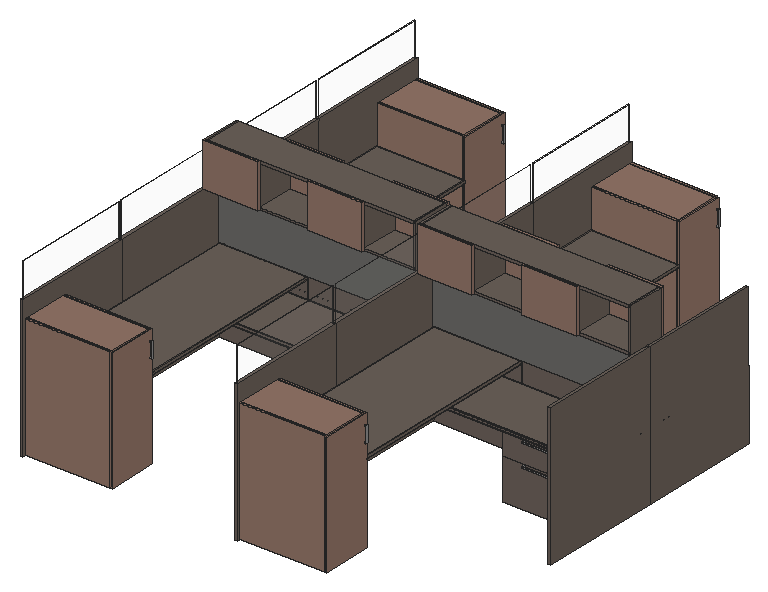
Revit family "T200178", category Furniture, Revit 2015 (continued)
Definition of nested family "STAKS SPINE OR DIVIDER WALL 48in"
  Types (19): name | Model | Description | Width
    STAKS SPINE OR DIVIDER WALL 48in X 54in | "6-PAN-48/54" | "OFS STAKS SPINE OR DIVIDER WALL 48\" Height x 54\" Width, Levelers allow 2.5\" Height Adjustability for Uneven Floor" | 54.00"
    STAKS SPINE OR DIVIDER WALL 48in X 56in | "6-PAN-48/56" | "OFS STAKS SPINE OR DIVIDER WALL 48\" Height x 56\" Width, Levelers allow 2.5\" Height Adjustability for Uneven Floor" | 56.00"
    STAKS SPINE OR DIVIDER WALL 48in X 58in | "6-PAN-48/58" | "OFS STAKS SPINE OR DIVIDER WALL 48\" Height x 58\" Width, Levelers allow 2.5\" Height Adjustability for Uneven Floor" | 58.00"
    STAKS SPINE OR DIVIDER WALL 48in X 59in | "6-PAN-48/59" | "OFS STAKS SPINE OR DIVIDER WALL 48\" Height x 59\" Width, Levelers allow 2.5\" Height Adjustability for Uneven Floor" | 59.00"
  Reference planes (in)
    plane 1: z = -0.125
    plane 2 "LEFT": x = 7.55498
    plane 3 "RIGHT": x = 31.55498
    plane 4 "BACK": y = -1.83365
    plane 5 "FRONT": y = -2.83365
    plane 6: x = 7.67998
    plane 7: x = 31.42998
    plane 8: y = -1.95865
    plane 9: y = -2.70865
    plane 10: z = -0.125
    plane 11 "SURFACE TOP": z = 47.875
  Forms (in)
    Extrusion 1, solid, material <- "Staks Spine or Divider Wall"
      sketch origin (0, 0, 17.125) x (-1, 0, 0) y (0, -1, 0)
        loop
          line (-7.55498, 1.83365) -> (-7.55498, 2.83365) -> (-31.55498, 2.83365) -> (-31.55498, 1.83365) -> (-7.55498, 1.83365)
      from 30.75 to -17.25
  Lines and regions (in)
    symbolic lines
      curve 1: line (7.55498, -1.83365, 47.875) -> (31.55498, -1.83365, 47.875)
      curve 2: line (7.55498, -2.83365, 47.875) -> (7.55498, -1.83365, 47.875)
      curve 3: line (31.55498, -2.83365, 47.875) -> (7.55498, -2.83365, 47.875)
      curve 4: line (31.55498, -1.83365, 47.875) -> (31.55498, -2.83365, 47.875)
  Dimensions and locks (in)
    "Depth": plane 4 "BACK" to plane 5 "FRONT"
    "Width": plane 2 "LEFT" to plane 3 "RIGHT"
    "Height": plane 11 "SURFACE TOP" to plane 10
    locked: plane 4 "BACK" to plane 8 at 0.125
    locked: plane 2 "LEFT" to plane 6 at 0.125
    locked: plane 7 to plane 3 "RIGHT" at 0.125
    locked: plane 9 to plane 5 "FRONT" at 0.125
    "Height Above Floor": plane 11 "SURFACE TOP" to level
    aligned: level to plane 1
    aligned and locked: plane 11 "SURFACE TOP" to Extrusion 1
    aligned and locked: Extrusion 1 to plane 10
    aligned and locked: plane 4 "BACK" to Extrusion 1 sketch curve
    aligned and locked: Extrusion 1 sketch curve to plane 2 "LEFT"
    aligned and locked: Extrusion 1 sketch curve to plane 5 "FRONT"
    aligned and locked: plane 3 "RIGHT" to Extrusion 1 sketch curve
    aligned and locked: curve 1 to Extrusion 1
    aligned and locked: curve 2 to Extrusion 1
    aligned and locked: curve 3 to Extrusion 1
    aligned and locked: curve 4 to Extrusion 1
Definition of nested family "STAKS DOUBLE SIDED FROSTED GLASS PRIVACY PANEL"
  Parameters (values of type "STAKS DOUBLE SIDED FROSTED GLASS PRIVACY PANEL 41 x 13")
    Width = 41.00"
    URL = "http://www.ofs.com/"
    Model = "6-PVPG-41/13"
    Manufacturer = "OFS"
    Height From Floor = 59.00"
    Height = 13.00"
    Description = "OFS STAKS DOUBLE SIDED FROSTED GLASS PRIVACY PANEL 41 x 13, Recessed 1.5\" Inside Wall Panel"
    Depth = 0.25"
    Copyright © = "© 2018 OFS"
    Catalog = "https://ofs.com/products/casegoods/private-office/staks"
    Shelf Material = none
    Authoring Version = "Autodesk Revit Architecture 2013"
    Assembly Code = "E2020200"
  Types (38): name | Width | Model | Height From Floor | Height | Description
    STAKS DOUBLE SIDED FROSTED GLASS PRIVACY PANEL 23 x 10 | 23.00" | "6-PVPG-23/10" | 56.00" | 10.00" | "OFS STAKS DOUBLE SIDED FROSTED GLASS PRIVACY PANEL 23 x 10, Recessed 1.5\" Inside Wall Panel"
    STAKS DOUBLE SIDED FROSTED GLASS PRIVACY PANEL 25 x 10 | 25.00" | "6-PVPG-25/10" | 56.00" | 10.00" | "OFS STAKS DOUBLE SIDED FROSTED GLASS PRIVACY PANEL 25 x 10, Recessed 1.5\" Inside Wall Panel"
    STAKS DOUBLE SIDED FROSTED GLASS PRIVACY PANEL 29 x 10 | 29.00" | "6-PVPG-29/10" | 56.00" | 10.00" | "OFS STAKS DOUBLE SIDED FROSTED GLASS PRIVACY PANEL 29 x 10, Recessed 1.5\" Inside Wall Panel"
    STAKS DOUBLE SIDED FROSTED GLASS PRIVACY PANEL 32 x 10 | 32.00" | "6-PVPG-32/10" | 56.00" | 10.00" | "OFS STAKS DOUBLE SIDED FROSTED GLASS PRIVACY PANEL 32 x 10, Recessed 1.5\" Inside Wall Panel"
    STAKS DOUBLE SIDED FROSTED GLASS PRIVACY PANEL 35 x 10 | 35.00" | "6-PVPG-35/10" | 56.00" | 10.00" | "OFS STAKS DOUBLE SIDED FROSTED GLASS PRIVACY PANEL 35 x 10, Recessed 1.5\" Inside Wall Panel"
    STAKS DOUBLE SIDED FROSTED GLASS PRIVACY PANEL 36 x 10 | 36.00" | "6-PVPG-36/10" | 56.00" | 10.00" | "OFS STAKS DOUBLE SIDED FROSTED GLASS PRIVACY PANEL 36 x 10, Recessed 1.5\" Inside Wall Panel"
    STAKS DOUBLE SIDED FROSTED GLASS PRIVACY PANEL 38 x 10 | 38.00" | "6-PVPG-38/10" | 56.00" | 10.00" | "OFS STAKS DOUBLE SIDED FROSTED GLASS PRIVACY PANEL 38 x 10, Recessed 1.5\" Inside Wall Panel"
    STAKS DOUBLE SIDED FROSTED GLASS PRIVACY PANEL 39 x 10 | 39.00" | "6-PVPG-39/10" | 56.00" | 10.00" | "OFS STAKS DOUBLE SIDED FROSTED GLASS PRIVACY PANEL 39 x 10, Recessed 1.5\" Inside Wall Panel"
    STAKS DOUBLE SIDED FROSTED GLASS PRIVACY PANEL 41 x 10 | 41.00" | "6-PVPG-41/10" | 56.00" | 10.00" | "OFS STAKS DOUBLE SIDED FROSTED GLASS PRIVACY PANEL 41 x 10, Recessed 1.5\" Inside Wall Panel"
    STAKS DOUBLE SIDED FROSTED GLASS PRIVACY PANEL 43 x 10 | 43.00" | "6-PVPG-43/10" | 56.00" | 10.00" | "OFS STAKS DOUBLE SIDED FROSTED GLASS PRIVACY PANEL 43 x 10, Recessed 1.5\" Inside Wall Panel"
    STAKS DOUBLE SIDED FROSTED GLASS PRIVACY PANEL 44 x 10 | 44.00" | "6-PVPG-44/10" | 56.00" | 10.00" | "OFS STAKS DOUBLE SIDED FROSTED GLASS PRIVACY PANEL 44 x 10, Recessed 1.5\" Inside Wall Panel"
    STAKS DOUBLE SIDED FROSTED GLASS PRIVACY PANEL 46 x 10 | 46.00" | "6-PVPG-46/10" | 56.00" | 10.00" | "OFS STAKS DOUBLE SIDED FROSTED GLASS PRIVACY PANEL 46 x 10, Recessed 1.5\" Inside Wall Panel"
    STAKS DOUBLE SIDED FROSTED GLASS PRIVACY PANEL 47 x 10 | 47.00" | "6-PVPG-47/10" | 56.00" | 10.00" | "OFS STAKS DOUBLE SIDED FROSTED GLASS PRIVACY PANEL 47 x 10, Recessed 1.5\" Inside Wall Panel"
    STAKS DOUBLE SIDED FROSTED GLASS PRIVACY PANEL 48 x 10 | 48.00" | "6-PVPG-48/10" | 56.00" | 10.00" | "OFS STAKS DOUBLE SIDED FROSTED GLASS PRIVACY PANEL 48 x 10, Recessed 1.5\" Inside Wall Panel"
    STAKS DOUBLE SIDED FROSTED GLASS PRIVACY PANEL 51 x 10 | 51.00" | "6-PVPG-51/10" | 56.00" | 10.00" | "OFS STAKS DOUBLE SIDED FROSTED GLASS PRIVACY PANEL 51 x 10, Recessed 1.5\" Inside Wall Panel"
    STAKS DOUBLE SIDED FROSTED GLASS PRIVACY PANEL 53 x 10 | 53.00" | "6-PVPG-53/10" | 56.00" | 10.00" | "OFS STAKS DOUBLE SIDED FROSTED GLASS PRIVACY PANEL 53 x 10, Recessed 1.5\" Inside Wall Panel"
    STAKS DOUBLE SIDED FROSTED GLASS PRIVACY PANEL 55 x 10 | 55.00" | "6-PVPG-55/10" | 56.00" | 10.00" | "OFS STAKS DOUBLE SIDED FROSTED GLASS PRIVACY PANEL 55 x 10, Recessed 1.5\" Inside Wall Panel"
    STAKS DOUBLE SIDED FROSTED GLASS PRIVACY PANEL 57 x 10 | 57.00" | "6-PVPG-57/10" | 56.00" | 10.00" | "OFS STAKS DOUBLE SIDED FROSTED GLASS PRIVACY PANEL 57 x 10, Recessed 1.5\" Inside Wall Panel"
    STAKS DOUBLE SIDED FROSTED GLASS PRIVACY PANEL 58 x 10 | 58.00" | "6-PVPG-58/10" | 56.00" | 10.00" | "OFS STAKS DOUBLE SIDED FROSTED GLASS PRIVACY PANEL 58 x 10, Recessed 1.5\" Inside Wall Panel"
    STAKS DOUBLE SIDED FROSTED GLASS PRIVACY PANEL 23 x 13 | 23.00" | "6-PVPG-23/13" | 59.00" | 13.00" | "OFS STAKS DOUBLE SIDED FROSTED GLASS PRIVACY PANEL 23 x 13, Recessed 1.5\" Inside Wall Panel"
    STAKS DOUBLE SIDED FROSTED GLASS PRIVACY PANEL 25 x 13 | 25.00" | "6-PVPG-25/13" | 59.00" | 13.00" | "OFS STAKS DOUBLE SIDED FROSTED GLASS PRIVACY PANEL 25 x 13, Recessed 1.5\" Inside Wall Panel"
    STAKS DOUBLE SIDED FROSTED GLASS PRIVACY PANEL 29 x 13 | 29.00" | "6-PVPG-29/13" | 59.00" | 13.00" | "OFS STAKS DOUBLE SIDED FROSTED GLASS PRIVACY PANEL 29 x 13, Recessed 1.5\" Inside Wall Panel"
    STAKS DOUBLE SIDED FROSTED GLASS PRIVACY PANEL 32 x 13 | 32.00" | "6-PVPG-32/13" | 59.00" | 13.00" | "OFS STAKS DOUBLE SIDED FROSTED GLASS PRIVACY PANEL 32 x 13, Recessed 1.5\" Inside Wall Panel"
    STAKS DOUBLE SIDED FROSTED GLASS PRIVACY PANEL 35 x 13 | 35.00" | "6-PVPG-35/13" | 59.00" | 13.00" | "OFS STAKS DOUBLE SIDED FROSTED GLASS PRIVACY PANEL 35 x 13, Recessed 1.5\" Inside Wall Panel"
    STAKS DOUBLE SIDED FROSTED GLASS PRIVACY PANEL 36 x 13 | 36.00" | "6-PVPG-36/13" | 59.00" | 13.00" | "OFS STAKS DOUBLE SIDED FROSTED GLASS PRIVACY PANEL 36 x 13, Recessed 1.5\" Inside Wall Panel"
    STAKS DOUBLE SIDED FROSTED GLASS PRIVACY PANEL 38 x 13 | 38.00" | "6-PVPG-38/13" | 59.00" | 13.00" | "OFS STAKS DOUBLE SIDED FROSTED GLASS PRIVACY PANEL 38 x 13, Recessed 1.5\" Inside Wall Panel"
    STAKS DOUBLE SIDED FROSTED GLASS PRIVACY PANEL 39 x 13 | 39.00" | "6-PVPG-39/13" | 59.00" | 13.00" | "OFS STAKS DOUBLE SIDED FROSTED GLASS PRIVACY PANEL 39 x 13, Recessed 1.5\" Inside Wall Panel"
    STAKS DOUBLE SIDED FROSTED GLASS PRIVACY PANEL 41 x 13 | 41.00" | "6-PVPG-41/13" | 59.00" | 13.00" | "OFS STAKS DOUBLE SIDED FROSTED GLASS PRIVACY PANEL 41 x 13, Recessed 1.5\" Inside Wall Panel"
    STAKS DOUBLE SIDED FROSTED GLASS PRIVACY PANEL 43 x 13 | 43.00" | "6-PVPG-43/13" | 59.00" | 13.00" | "OFS STAKS DOUBLE SIDED FROSTED GLASS PRIVACY PANEL 43 x 13, Recessed 1.5\" Inside Wall Panel"
    STAKS DOUBLE SIDED FROSTED GLASS PRIVACY PANEL 44 x 13 | 44.00" | "6-PVPG-44/13" | 59.00" | 13.00" | "OFS STAKS DOUBLE SIDED FROSTED GLASS PRIVACY PANEL 44 x 13, Recessed 1.5\" Inside Wall Panel"
    STAKS DOUBLE SIDED FROSTED GLASS PRIVACY PANEL 46 x 13 | 46.00" | "6-PVPG-46/13" | 59.00" | 13.00" | "OFS STAKS DOUBLE SIDED FROSTED GLASS PRIVACY PANEL 46 x 13, Recessed 1.5\" Inside Wall Panel"
    STAKS DOUBLE SIDED FROSTED GLASS PRIVACY PANEL 47 x 13 | 47.00" | "6-PVPG-47/13" | 59.00" | 13.00" | "OFS STAKS DOUBLE SIDED FROSTED GLASS PRIVACY PANEL 47 x 13, Recessed 1.5\" Inside Wall Panel"
    STAKS DOUBLE SIDED FROSTED GLASS PRIVACY PANEL 48 x 13 | 48.00" | "6-PVPG-48/13" | 59.00" | 13.00" | "OFS STAKS DOUBLE SIDED FROSTED GLASS PRIVACY PANEL 48 x 13, Recessed 1.5\" Inside Wall Panel"
    STAKS DOUBLE SIDED FROSTED GLASS PRIVACY PANEL 51 x 13 | 51.00" | "6-PVPG-51/13" | 59.00" | 13.00" | "OFS STAKS DOUBLE SIDED FROSTED GLASS PRIVACY PANEL 51 x 13, Recessed 1.5\" Inside Wall Panel"
    STAKS DOUBLE SIDED FROSTED GLASS PRIVACY PANEL 53 x 13 | 53.00" | "6-PVPG-53/13" | 59.00" | 13.00" | "OFS STAKS DOUBLE SIDED FROSTED GLASS PRIVACY PANEL 53 x 13, Recessed 1.5\" Inside Wall Panel"
    STAKS DOUBLE SIDED FROSTED GLASS PRIVACY PANEL 55 x 13 | 55.00" | "6-PVPG-55/13" | 59.00" | 13.00" | "OFS STAKS DOUBLE SIDED FROSTED GLASS PRIVACY PANEL 55 x 13, Recessed 1.5\" Inside Wall Panel"
    STAKS DOUBLE SIDED FROSTED GLASS PRIVACY PANEL 57 x 13 | 57.00" | "6-PVPG-57/13" | 59.00" | 13.00" | "OFS STAKS DOUBLE SIDED FROSTED GLASS PRIVACY PANEL 57 x 13, Recessed 1.5\" Inside Wall Panel"
    STAKS DOUBLE SIDED FROSTED GLASS PRIVACY PANEL 58 x 13 | 58.00" | "6-PVPG-58/13" | 59.00" | 13.00" | "OFS STAKS DOUBLE SIDED FROSTED GLASS PRIVACY PANEL 58 x 13, Recessed 1.5\" Inside Wall Panel"
  Reference planes (in)
    plane 1: z = 0
    plane 2 "Center (Front/Back)": y = 2.75035
    plane 3 "LEFT": x = -37
    plane 4 "BASE TOP": z = 59
    plane 5 "RIGHT": x = 4
    plane 6: z = 46
    plane 7: y = 2.87535
    plane 8 "CENTER": x = -16.5
    plane 9: y = 2.62535
  Forms (in)
    Extrusion 1, solid, material <- "Shelf Material"
      sketch origin (0, 2.75035, 0) x (1, 0, 0) y (0, 0, 1)
        loop
          line (-37, 59) -> (-37, 46) -> (4, 46) -> (4, 59) -> (-37, 59)
      from -0.125 to 0.125
  Dimensions and locks (in)
    "Height From Floor": plane 4 "BASE TOP" to plane 1
    "Height": plane 4 "BASE TOP" to plane 6
    equal spacing: plane 3 "LEFT", plane 8 "CENTER", plane 5 "RIGHT"
    equal spacing: plane 9, plane 2 "Center (Front/Back)", plane 7
    "Width": plane 3 "LEFT" to plane 5 "RIGHT"
    "Depth": plane 9 to plane 7
    aligned and locked: level to plane 1
    aligned and locked: Extrusion 1 sketch curve to plane 4 "BASE TOP"
    aligned and locked: plane 3 "LEFT" to Extrusion 1 sketch curve
    aligned and locked: Extrusion 1 sketch curve to plane 6
    aligned and locked: Extrusion 1 sketch curve to plane 5 "RIGHT"
    aligned and locked: Extrusion 1 to plane 7
    aligned and locked: plane 9 to Extrusion 1
Definition of nested family "STAKS FABRIC TACKBOARD FOR SPINE OR DIVIDER WALL"
  Parameters (values of type "STAKS FABRIC TACKBOARD FOR SPINE OR DIVIDER WALL 18H x 49-73.9375W.")
    URL = "http://www.ofs.com/"
    Staks Fabric Tackboard = none
    Height Above Floor [instance] = 47.50"
    Height = 18.00"
    Depth = 0.50"
    Model = "FT30E"
    Manufacturer = "OFS"
    Description = "OFS STAKS FABRIC TACKBOARD FOR SPINE OR DIVIDER WALL 18\" Height X 49\" - 73.9375\" Width, Any Width in 1/8\" Increments available within Ranges Shown"
    Width = 72.00"
    Copyright © = "© 2018 OFS"
    Catalog = "https://ofs.com/products/casegoods/private-office/staks"
    Authoring Version = "Autodesk Revit Architecture 2013"
    Assembly Code = "E2020200"
  Reference planes (in)
    plane 1: z = -0.125
    plane 2 "LEFT": x = 7.55498
    plane 3 "RIGHT": x = 79.55498
    plane 4 "BACK": y = -1.83365
    plane 5 "FRONT": y = -2.33365
    plane 6: x = 7.67998
    plane 7: x = 79.42998
    plane 8: y = -1.95865
    plane 9: y = -2.20865
    plane 10: z = 29.375
    plane 11 "SURFACE TOP": z = 47.375
  Forms (in)
    Extrusion 1, solid, material <- "Staks Fabric Tackboard"
      sketch origin (0, 0, 17.125) x (-1, 0, 0) y (0, -1, 0)
        loop
          line (-7.55498, 1.83365) -> (-7.55498, 2.33365) -> (-79.55498, 2.33365) -> (-79.55498, 1.83365) -> (-7.55498, 1.83365)
      from 30.25 to 12.25
  Dimensions and locks (in)
    "Depth": plane 4 "BACK" to plane 5 "FRONT"
    "Width": plane 2 "LEFT" to plane 3 "RIGHT"
    "Height": plane 11 "SURFACE TOP" to plane 10
    locked: plane 4 "BACK" to plane 8 at 0.125
    locked: plane 2 "LEFT" to plane 6 at 0.125
    locked: plane 7 to plane 3 "RIGHT" at 0.125
    locked: plane 9 to plane 5 "FRONT" at 0.125
    "Height Above Floor": plane 11 "SURFACE TOP" to level
    aligned: level to plane 1
    aligned and locked: plane 11 "SURFACE TOP" to Extrusion 1
    aligned and locked: Extrusion 1 to plane 10
    aligned and locked: plane 4 "BACK" to Extrusion 1 sketch curve
    aligned and locked: Extrusion 1 sketch curve to plane 2 "LEFT"
    aligned and locked: Extrusion 1 sketch curve to plane 5 "FRONT"
    aligned and locked: plane 3 "RIGHT" to Extrusion 1 sketch curve
Definition of nested family "STAKS 15H SHARED ORGANIZER Two Openings Alternated"
  Parameters (values of type "STAKS 15H SHARED ORGANIZER Two Openings Alternated 72in W")
    URL = "http://www.ofs.com/"
    Height Above Floor [instance] = 62.50"
    Height = 15.00"
    Doors Material = none
    Depth = 14.50"
    Model = "6-7215SORG4A"
    Manufacturer = "OFS"
    Description = "OFS STAKS 15H SHARED ORGANIZER 72\" Width, Two Openings on each Side, Alternated"
    Width = 72.00"
    Copyright © = "© 2018 OFS"
    Catalog = "https://ofs.com/products/casegoods/private-office/staks"
    Board Material = none
    Board Thickness = 0.75"
    Authoring Version = "Autodesk Revit Architecture 2013"
    Assembly Code = "E2020200"
  Types (6): name | Model | Description | Width
    STAKS 15H SHARED ORGANIZER Two Openings Alternated 54in W | "6-5415SORG4A" | "OFS STAKS 15H SHARED ORGANIZER 54\" Width, Two Openings on each Side, Alternated" | 54.00"
    STAKS 15H SHARED ORGANIZER Two Openings Alternated 60in W | "6-6015SORG4A" | "OFS STAKS 15H SHARED ORGANIZER 60\" Width, Two Openings on each Side, Alternated" | 60.00"
    STAKS 15H SHARED ORGANIZER Two Openings Alternated 66in W | "6-6615SORG4A" | "OFS STAKS 15H SHARED ORGANIZER 66\" Width, Two Openings on each Side, Alternated" | 66.00"
    STAKS 15H SHARED ORGANIZER Two Openings Alternated 72in W | "6-7215SORG4A" | "OFS STAKS 15H SHARED ORGANIZER 72\" Width, Two Openings on each Side, Alternated" | 72.00"
    STAKS 15H SHARED ORGANIZER Two Openings Alternated 78in W | "6-7815SORG4A" | "OFS STAKS 15H SHARED ORGANIZER 78\" Width, Two Openings on each Side, Alternated" | 78.00"
    STAKS 15H SHARED ORGANIZER Two Openings Alternated 84in W | "6-8415SORG4A" | "OFS STAKS 15H SHARED ORGANIZER 84\" Width, Two Openings on each Side, Alternated" | 84.00"
  Reference planes (in)
    plane 1: z = -0.125
    plane 2 "LEFT": x = -8.94502
    plane 3 "RIGHT": x = 63.05498
    plane 4 "BACK": y = -1.83365
    plane 5 "FRONT": y = -14.83365
    plane 6: x = -8.19502
    plane 7: x = 62.30498
    plane 8: z = 47.375
    plane 9 "SURFACE TOP": z = 62.375
    plane 10: z = 48.125
    plane 11: x = 27.05498
    plane 12: z = 61.625
    plane 13: y = -8.33365
    plane 14: y = -7.95865
    plane 15: y = -8.70865
    plane 16: x = 9.24248
    plane 17: x = 44.86748
    plane 18: x = 45.24248
    plane 19: x = 44.49248
    plane 20: x = 8.86748
    plane 21: x = 9.61748
    plane 22: y = -1.08365
    plane 23: y = -15.58365
    plane 24: x = 27.42998
    plane 25: x = 26.67998
  Forms (in)
    Extrusion 1, solid, material <- "Board Material"
      sketch origin (0, 0, 62.375) x (0, 1, 0) y (-1, 0, 0)
        loop
          line (-1.83365, 8.19502) -> (-14.83365, 8.19502) -> (-14.83365, -62.30498) -> (-1.83365, -62.30498) -> (-1.83365, 8.19502)
      from -14.25 to -15
    Extrusion 2, solid, material <- "Board Material"
      sketch origin (0, 0, 62.375) x (0, 1, 0) y (-1, 0, 0)
        loop
          line (-1.83365, 8.19502) -> (-1.83365, 8.94502) -> (-14.83365, 8.94502) -> (-14.83365, 8.19502) -> (-1.83365, 8.19502)
        loop
          line (-1.83365, -63.05498) -> (-1.83365, -62.30498) -> (-14.83365, -62.30498) -> (-14.83365, -63.05498) -> (-1.83365, -63.05498)
      from 0 to -15
    Extrusion 3, solid, material <- "Board Material"
      sketch origin (0, 0, 27.375) x (0, 1, 0) y (-1, 0, 0)
        loop
          line (-1.83365, 8.19502) -> (-14.83365, 8.19502) -> (-14.83365, -62.30498) -> (-1.83365, -62.30498) -> (-1.83365, 8.19502)
      from 35 to 34.25
    Extrusion 4, solid, material <- "Board Material"
      sketch origin (0, 0, 62.375) x (0, 1, 0) y (-1, 0, 0)
        loop
          line (-1.83365, -44.49248) -> (-14.83365, -44.49248) -> (-14.83365, -45.24248) -> (-1.83365, -45.24248) -> (-1.83365, -44.49248)
      from -0.75 to -14.25
    Extrusion 5, solid, material <- "Board Material"
      sketch origin (54.10996, 0, 62.375) x (0, 1, 0) y (-1, 0, 0)
        loop
          line (-1.83365, 44.49248) -> (-1.83365, 45.24248) -> (-14.83365, 45.24248) -> (-14.83365, 44.49248) -> (-1.83365, 44.49248)
      from -0.75 to -14.25
    Extrusion 6, solid, material <- "Doors Material"
      sketch origin (-45.26558, 47.63816, -0.125) x (0, 1, 0) y (-1, 0, 0)
        loop
          line (-48.72181, -89.75806) -> (-49.47181, -89.75806) -> (-49.47181, -108.32056) -> (-48.72181, -108.32056) -> (-48.72181, -89.75806)
      from 62.5 to 47.5
    Extrusion 7, solid, material <- "Doors Material"
      sketch origin (-70.26558, -64.30546, -0.125) x (0, -1, 0) y (1, 0, 0)
        loop
          line (-48.72181, 96.94556) -> (-48.72181, 115.50806) -> (-49.47181, 115.50806) -> (-49.47181, 96.94556) -> (-48.72181, 96.94556)
      from 62.5 to 47.5
    Extrusion 8, solid, material <- "Board Material"
      sketch origin (-13.3125, 0, 62.375) x (0, 1, 0) y (-1, 0, 0)
        loop
          line (-1.83365, -39.99248) -> (-14.83365, -39.99248) -> (-14.83365, -40.74248) -> (-1.83365, -40.74248) -> (-1.83365, -39.99248)
      from -0.75 to -14.25
    Extrusion 9, solid, material <- "Doors Material"
      sketch origin (-113.26558, -64.30546, -0.125) x (0, -1, 0) y (1, 0, 0)
        loop
          line (-48.72181, 104.32056) -> (-48.72181, 122.88306) -> (-49.47181, 122.88306) -> (-49.47181, 104.32056) -> (-48.72181, 104.32056)
      from 62.5 to 47.5
    Extrusion 10, solid, material <- "Doors Material"
      sketch origin (-92.26558, 47.63816, -0.125) x (0, 1, 0) y (-1, 0, 0)
        loop
          line (-48.72181, -101.13306) -> (-49.47181, -101.13306) -> (-49.47181, -119.69556) -> (-48.72181, -119.69556) -> (-48.72181, -101.13306)
      from 62.5 to 47.5
  Dimensions and locks (in)
    "Width": plane 2 "LEFT" to plane 3 "RIGHT"
    "Height": plane 9 "SURFACE TOP" to plane 8
    "Board Thickness": plane 2 "LEFT" to plane 6
    "Board Thickness": plane 7 to plane 3 "RIGHT"
    "Height Above Floor": plane 9 "SURFACE TOP" to level
    "Board Thickness": plane 10 to plane 8
    equal spacing: plane 2 "LEFT", plane 11, plane 3 "RIGHT"
    "Board Thickness": plane 9 "SURFACE TOP" to plane 12
    equal spacing: plane 4 "BACK", plane 13, plane 5 "FRONT"
    equal spacing: plane 14, plane 13, plane 15
    "Board Thickness": plane 14 to plane 15
    equal spacing: plane 19, plane 17, plane 18
    "Board Thickness": plane 19 to plane 18
    equal spacing: plane 21, plane 16, plane 20
    "Board Thickness": plane 21 to plane 20
    locked: plane 5 "FRONT" to plane 23 at 0.75
    locked: plane 22 to plane 4 "BACK" at 0.75
    "Depth": plane 22 to plane 23
    equal spacing: plane 25, plane 11, plane 24
    "Board Thickness": plane 25 to plane 24
    equal spacing: plane 6, plane 16, plane 25
    equal spacing: plane 24, plane 17, plane 7
    aligned: level to plane 1
    aligned and locked: Extrusion 1 sketch curve to plane 4 "BACK"
    aligned and locked: plane 6 to Extrusion 1 sketch curve
    aligned and locked: Extrusion 1 sketch curve to plane 5 "FRONT"
    aligned and locked: Extrusion 1 sketch curve to plane 7
    aligned and locked: Extrusion 1 to plane 8
    aligned and locked: Extrusion 1 to plane 10
    aligned and locked: Extrusion 1 to Extrusion 2 sketch curve  (x2)
    aligned and locked: Extrusion 2 sketch curve to Extrusion 1  (x2)
    aligned and locked: Extrusion 2 sketch curve to plane 5 "FRONT"
    aligned and locked: Extrusion 2 sketch curve to plane 2 "LEFT"
    aligned and locked: Extrusion 2 sketch curve to plane 4 "BACK"
    aligned and locked: plane 3 "RIGHT" to Extrusion 2 sketch curve
    aligned and locked: Extrusion 2 to plane 8
    aligned and locked: Extrusion 2 to plane 9 "SURFACE TOP"
    aligned and locked: Extrusion 3 to plane 9 "SURFACE TOP"
    aligned and locked: Extrusion 3 to plane 12
    aligned and locked: Extrusion 3 to plane 4 "BACK"
    aligned and locked: Extrusion 3 to plane 5 "FRONT"
    aligned and locked: Extrusion 3 to plane 6
    aligned and locked: plane 7 to Extrusion 3
    aligned and locked: plane 5 "FRONT" to Extrusion 4 sketch curve
    aligned and locked: Extrusion 5 to plane 20
    aligned and locked: Extrusion 5 to plane 21
    aligned and locked: Extrusion 5 to plane 5 "FRONT"
    aligned and locked: Extrusion 5 to plane 10
    aligned and locked: plane 12 to Extrusion 5
    aligned and locked: Extrusion 6 to plane 8
    aligned and locked: Extrusion 6 to plane 9 "SURFACE TOP"
    aligned and locked: plane 3 "RIGHT" to Extrusion 6
    aligned and locked: Extrusion 6 to plane 19
    aligned and locked: plane 4 "BACK" to Extrusion 6
    aligned and locked: Extrusion 6 to plane 22
    aligned and locked: plane 23 to Extrusion 7
    aligned and locked: Extrusion 7 to plane 5 "FRONT"
    aligned and locked: plane 18 to Extrusion 7
    aligned and locked: Extrusion 7 to plane 8
    aligned and locked: plane 9 "SURFACE TOP" to Extrusion 7
    aligned and locked: Extrusion 8 to plane 25  (x3)
    aligned and locked: Extrusion 8 to plane 24
    aligned and locked: Extrusion 8 to plane 5 "FRONT"
    aligned and locked: plane 12 to Extrusion 8
    aligned and locked: Extrusion 8 to plane 10
    aligned and locked: Extrusion 7 to plane 25
    aligned and locked: plane 24 to Extrusion 10
    aligned and locked: Extrusion 10 to plane 20
    aligned and locked: Extrusion 9 to plane 2 "LEFT"
    aligned and locked: plane 21 to Extrusion 9
    aligned and locked: Extrusion 10 to plane 8
    aligned and locked: Extrusion 9 to plane 8
    aligned and locked: Extrusion 5 to plane 4 "BACK"
    aligned and locked: Extrusion 8 to plane 4 "BACK"
    aligned and locked: Extrusion 4 to plane 4 "BACK"
  Automatic sketch dimensions
    Extrusion 3 sketch curve to plane 5 "FRONT" = 0.00"
    Extrusion 3 sketch curve to plane 4 "BACK" = 0.00"
    Extrusion 3 sketch curve to plane 7 = 0.00"
    Extrusion 3 sketch curve to plane 6 = 0.00"
    Extrusion 4 sketch curve to plane 18 = 0.00"
    Extrusion 4 sketch curve to plane 19 = 0.00"
    Extrusion 5 sketch curve to plane 5 "FRONT" = 0.00"
    Extrusion 5 sketch curve to plane 15 = 6.875"
    Extrusion 5 sketch curve to plane 20 = 0.00"
    Extrusion 5 sketch curve to plane 21 = 0.00"
    Extrusion 6 sketch curve to plane 4 "BACK" = 0.00"
    Extrusion 6 sketch curve to plane 19 = 0.00"
    Extrusion 6 sketch curve to plane 22 = 0.00"
    Extrusion 6 sketch curve to plane 3 "RIGHT" = 0.00"
    Extrusion 7 sketch curve to plane 5 "FRONT" = 0.00"
    Extrusion 7 sketch curve to plane 23 = 0.00"
    Extrusion 7 sketch curve to plane 25 = 0.00"
    Extrusion 7 sketch curve to plane 18 = 0.00"
    Extrusion 8 sketch curve to plane 5 "FRONT" = 0.00"
    plane 15 to Extrusion 8 sketch curve = 6.875"
    Extrusion 8 sketch curve to plane 24 = 0.00"
    Extrusion 8 sketch curve to plane 25 = 0.00"
    Extrusion 9 sketch curve to plane 5 "FRONT" = 0.00"
    Extrusion 9 sketch curve to plane 23 = 0.00"
    Extrusion 9 sketch curve to plane 6 = 0.75"
    Extrusion 9 sketch curve to plane 21 = 0.00"
    Extrusion 10 sketch curve to plane 4 "BACK" = 0.00"
    plane 21 to Extrusion 10 sketch curve = 0.75"
    Extrusion 10 sketch curve to plane 22 = 0.00"
    Extrusion 10 sketch curve to plane 24 = 0.00"
    plane 15 to Extrusion 4 sketch curve = 6.875"
